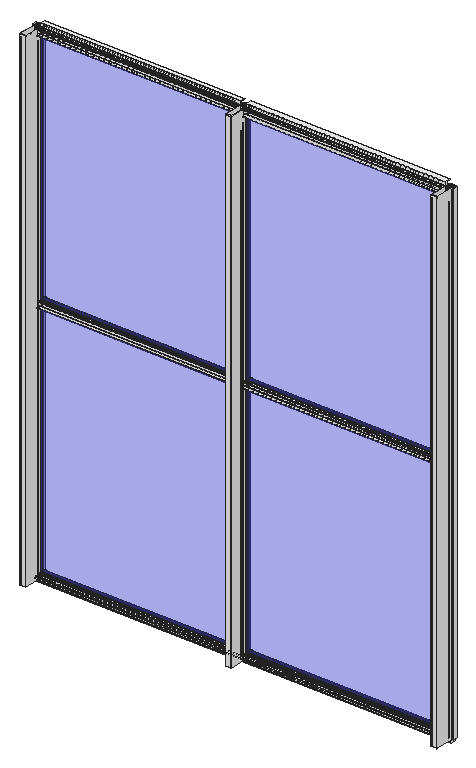
Revit family "Facade_60_Curtain_Wall_S22_Standard", category Windows, host Wall, Revit 2014 (continued)
Definition of nested family "F60 Vertical Profile Side_S22_Std"
  Automatic sketch dimensions
    Extrusion 7 sketch curve to Extrusion 7 sketch curve = 54.1 mm
    Extrusion 7 sketch curve to Extrusion 7 sketch curve = 1.3 mm
    Extrusion 7 sketch curve to Extrusion 7 sketch curve = 1.95 mm
    Extrusion 7 sketch curve to Extrusion 7 sketch curve = 1.65 mm
    Extrusion 7 sketch curve to Extrusion 7 sketch curve = 4.987 mm
    Extrusion 7 sketch curve to Extrusion 7 sketch curve = 4.813 mm
    Extrusion 7 sketch curve to Extrusion 7 sketch curve = 4.812 mm
    Extrusion 7 sketch curve to Extrusion 7 sketch curve = 137.5 mm
    Extrusion 7 sketch curve to Extrusion 7 sketch curve = 0.2 mm  (x2)
    Extrusion 7 sketch curve to Extrusion 7 sketch curve = 0.4 mm  (x2)
    Extrusion 7 sketch curve to Extrusion 7 sketch curve = 4.5 mm
    Extrusion 8 sketch curve to plane 3 "Center (Left/Right)" = 0 mm
    Extrusion 8 sketch curve to Extrusion 8 sketch curve = 1 mm  (x3)
    plane 3 "Center (Left/Right)" to Extrusion 8 sketch curve = 1.65 mm
    plane 3 "Center (Left/Right)" to Extrusion 8 sketch curve = 2.75 mm
    Extrusion 8 sketch curve to Extrusion 8 sketch curve = 0.8 mm  (x2)
    Extrusion 8 sketch curve to Extrusion 8 sketch curve = 52.5 mm
    Extrusion 8 sketch curve to plane 1 "Center (Front/Back)" = 15.1 mm
    Extrusion 8 sketch curve to Extrusion 8 sketch curve = 52.9 mm
    Extrusion 8 sketch curve to Extrusion 8 sketch curve = 1.9 mm
    Extrusion 8 sketch curve to Extrusion 8 sketch curve = 2.75 mm
    Extrusion 8 sketch curve to Extrusion 8 sketch curve = 4.444 mm
    Extrusion 8 sketch curve to Extrusion 8 sketch curve = 4.656 mm  (x2)
    Extrusion 8 sketch curve to Extrusion 8 sketch curve = 163.2 mm
    Extrusion 8 sketch curve to Extrusion 8 sketch curve = 9.5 mm
    plane 3 "Center (Left/Right)" to Extrusion 9 sketch curve = 25.249 mm
    Extrusion 9 sketch curve to Extrusion 9 sketch curve = 0.5 mm  (x4)
    Extrusion 9 sketch curve to Extrusion 9 sketch curve = 1.1 mm
    plane 1 "Center (Front/Back)" to Extrusion 9 sketch curve = 11.356 mm  (x2)
    Extrusion 9 sketch curve to Extrusion 9 sketch curve = 0.293 mm  (x2)
    Extrusion 9 sketch curve to Extrusion 9 sketch curve = 1.896 mm
    Extrusion 9 sketch curve to Extrusion 9 sketch curve = 1.922 mm
    Extrusion 9 sketch curve to Extrusion 9 sketch curve = 1 mm  (x2)
    Extrusion 9 sketch curve to Extrusion 9 sketch curve = 0.7 mm
    Extrusion 9 sketch curve to Extrusion 9 sketch curve = 0.808 mm
    Extrusion 9 sketch curve to plane 1 "Center (Front/Back)" = 2.272 mm  (x2)
    Extrusion 9 sketch curve to Extrusion 9 sketch curve = 0.303 mm
    Extrusion 9 sketch curve to plane 1 "Center (Front/Back)" = 1.745 mm
    Extrusion 9 sketch curve to Extrusion 9 sketch curve = 0.356 mm
    plane 1 "Center (Front/Back)" to Extrusion 9 sketch curve = 9.206 mm  (x2)
    Extrusion 9 sketch curve to Extrusion 9 sketch curve = 1.647 mm
    Extrusion 9 sketch curve to Extrusion 9 sketch curve = 0.701 mm
    Extrusion 9 sketch curve to Extrusion 9 sketch curve = 0.992 mm
    Extrusion 9 sketch curve to Extrusion 9 sketch curve = 0.003 mm
    Extrusion 9 sketch curve to Extrusion 9 sketch curve = 0.002 mm
    Extrusion 9 sketch curve to Extrusion 9 sketch curve = 0.004 mm
    Extrusion 9 sketch curve to Extrusion 9 sketch curve = 0.708 mm
    Extrusion 9 sketch curve to plane 1 "Center (Front/Back)" = 1.946 mm
    Extrusion 9 sketch curve to Extrusion 9 sketch curve = 0.899 mm
    Extrusion 9 sketch curve to Extrusion 9 sketch curve = 0.444 mm
    Extrusion 9 sketch curve to Extrusion 9 sketch curve = 3.038 mm
    Extrusion 9 sketch curve to plane 1 "Center (Front/Back)" = 0.385 mm  (x2)
    Extrusion 9 sketch curve to Extrusion 9 sketch curve = 0.756 mm
    Extrusion 9 sketch curve to Extrusion 9 sketch curve = 2.153 mm
    Extrusion 9 sketch curve to Extrusion 9 sketch curve = 0.631 mm
    Extrusion 9 sketch curve to Extrusion 9 sketch curve = 0.807 mm
    Extrusion 9 sketch curve to Extrusion 9 sketch curve = 1.646 mm
    Extrusion 9 sketch curve to Extrusion 9 sketch curve = 0.707 mm
    Extrusion 9 sketch curve to Extrusion 9 sketch curve = 1.393 mm
    Extrusion 9 sketch curve to Extrusion 9 sketch curve = 1.923 mm
    Extrusion 9 sketch curve to Extrusion 9 sketch curve = 11.937 mm
    Extrusion 9 sketch curve to Extrusion 9 sketch curve = 1.6 mm
    Extrusion 9 sketch curve to Extrusion 9 sketch curve = 0.9 mm  (x2)
    Extrusion 9 sketch curve to Extrusion 9 sketch curve = 1.356 mm  (x2)
    Extrusion 9 sketch curve to Extrusion 9 sketch curve = 0.714 mm
    Extrusion 9 sketch curve to Extrusion 9 sketch curve = 0.02 mm
    Extrusion 9 sketch curve to Extrusion 9 sketch curve = 0.399 mm
    Extrusion 9 sketch curve to Extrusion 9 sketch curve = 2.224 mm
    Extrusion 9 sketch curve to Extrusion 9 sketch curve = 0.448 mm
    Extrusion 9 sketch curve to plane 1 "Center (Front/Back)" = 0.198 mm
    Extrusion 9 sketch curve to plane 1 "Center (Front/Back)" = 0.201 mm
    Extrusion 9 sketch curve to Extrusion 9 sketch curve = 0.032 mm
    Extrusion 9 sketch curve to Extrusion 9 sketch curve = 0 mm
    plane 3 "Center (Left/Right)" to Extrusion 10 sketch curve = 1.014 mm
    Extrusion 10 sketch curve to Extrusion 10 sketch curve = 0.469 mm  (x2)
    plane 3 "Center (Left/Right)" to Extrusion 10 sketch curve = 1.706 mm
    Extrusion 10 sketch curve to Extrusion 10 sketch curve = 1.079 mm
    Extrusion 10 sketch curve to Extrusion 10 sketch curve = 0.864 mm
    Extrusion 10 sketch curve to Extrusion 10 sketch curve = 1.15 mm  (x4)
    Extrusion 10 sketch curve to Extrusion 10 sketch curve = 3.2 mm  (x2)
    Extrusion 10 sketch curve to Extrusion 10 sketch curve = 3.031 mm  (x2)
    Extrusion 10 sketch curve to Extrusion 10 sketch curve = 0.6 mm  (x3)
    Extrusion 10 sketch curve to Extrusion 10 sketch curve = 15.584 mm  (x2)
    Extrusion 10 sketch curve to Extrusion 10 sketch curve = 0.808 mm  (x2)
    Extrusion 10 sketch curve to Extrusion 10 sketch curve = 3.038 mm
    Extrusion 10 sketch curve to Extrusion 10 sketch curve = 0.865 mm
    Extrusion 10 sketch curve to Extrusion 10 sketch curve = 1.25 mm  (x5)
    Extrusion 10 sketch curve to Extrusion 10 sketch curve = 0.61 mm
    plane 1 "Center (Front/Back)" to Extrusion 10 sketch curve = 31.288 mm
    Extrusion 10 sketch curve to Extrusion 10 sketch curve = 0.362 mm
    plane 1 "Center (Front/Back)" to Extrusion 10 sketch curve = 31.65 mm
    Extrusion 10 sketch curve to Extrusion 10 sketch curve = 0.962 mm
    Extrusion 10 sketch curve to Extrusion 10 sketch curve = 0.85 mm
    Extrusion 10 sketch curve to Extrusion 10 sketch curve = 0.512 mm  (x2)
    Extrusion 10 sketch curve to Extrusion 10 sketch curve = 0.4 mm  (x2)
    Extrusion 10 sketch curve to Extrusion 10 sketch curve = 1 mm
    Extrusion 10 sketch curve to Extrusion 10 sketch curve = 2.8 mm
    Extrusion 10 sketch curve to Extrusion 10 sketch curve = 0 mm  (x2)
    Extrusion 10 sketch curve to Extrusion 10 sketch curve = 1.4 mm
    Extrusion 10 sketch curve to Extrusion 10 sketch curve = 0.539 mm  (x2)
    plane 1 "Center (Front/Back)" to Extrusion 10 sketch curve = 28.864 mm
    Extrusion 11 sketch curve to plane 3 "Center (Left/Right)" = 0 mm
    plane 3 "Center (Left/Right)" to Extrusion 11 sketch curve = 0.65 mm
    Extrusion 11 sketch curve to Extrusion 11 sketch curve = 0.128 mm  (x2)
    plane 3 "Center (Left/Right)" to Extrusion 11 sketch curve = 1.014 mm
    plane 3 "Center (Left/Right)" to Extrusion 11 sketch curve = 1.05 mm
    Extrusion 11 sketch curve to Extrusion 11 sketch curve = 0.469 mm  (x2)
    Extrusion 11 sketch curve to Extrusion 11 sketch curve = 1.079 mm
    Extrusion 11 sketch curve to Extrusion 11 sketch curve = 1.317 mm  (x2)
    Extrusion 11 sketch curve to Extrusion 11 sketch curve = 0 mm  (x3)
    plane 3 "Center (Left/Right)" to Extrusion 11 sketch curve = 3.85 mm
    Extrusion 11 sketch curve to Extrusion 11 sketch curve = 0.15 mm  (x2)
    Extrusion 11 sketch curve to Extrusion 11 sketch curve = 26 mm  (x2)
    Extrusion 11 sketch curve to Extrusion 11 sketch curve = 1.05 mm
    Extrusion 11 sketch curve to Extrusion 11 sketch curve = 0.707 mm
    Extrusion 11 sketch curve to Extrusion 11 sketch curve = 0.433 mm
    plane 1 "Center (Front/Back)" to Extrusion 11 sketch curve = 31.288 mm
    plane 1 "Center (Front/Back)" to Extrusion 11 sketch curve = 28.065 mm
    Extrusion 11 sketch curve to Extrusion 11 sketch curve = 1.314 mm
    Extrusion 11 sketch curve to Extrusion 11 sketch curve = 0.65 mm
    Extrusion 11 sketch curve to Extrusion 11 sketch curve = 0.5 mm  (x2)
    plane 1 "Center (Front/Back)" to Extrusion 11 sketch curve = 32.75 mm
    Extrusion 11 sketch curve to Extrusion 11 sketch curve = 0.1 mm  (x3)
    Extrusion 11 sketch curve to Extrusion 11 sketch curve = 1.1 mm  (x2)
    Extrusion 11 sketch curve to Extrusion 11 sketch curve = 8.608 mm
    Extrusion 11 sketch curve to Extrusion 11 sketch curve = 0.962 mm
    Extrusion 12 sketch curve to plane 3 "Center (Left/Right)" = 21.349 mm
    Extrusion 12 sketch curve to Extrusion 12 sketch curve = 6.35 mm
    plane 3 "Center (Left/Right)" to Extrusion 12 sketch curve = 10.403 mm
    plane 1 "Center (Front/Back)" to Extrusion 12 sketch curve = 35.567 mm
    plane 1 "Center (Front/Back)" to Extrusion 12 sketch curve = 10.171 mm
    plane 1 "Center (Front/Back)" to Extrusion 12 sketch curve = 3.821 mm
    Extrusion 13 sketch curve to plane 3 "Center (Left/Right)" = 21.35 mm
    Extrusion 13 sketch curve to Extrusion 13 sketch curve = 6.35 mm
    plane 3 "Center (Left/Right)" to Extrusion 13 sketch curve = 10.402 mm
    plane 1 "Center (Front/Back)" to Extrusion 13 sketch curve = 33.172 mm
    plane 1 "Center (Front/Back)" to Extrusion 13 sketch curve = 7.775 mm
    plane 1 "Center (Front/Back)" to Extrusion 13 sketch curve = 1.425 mm
    Extrusion 14 sketch curve to plane 3 "Center (Left/Right)" = 0 mm
    plane 3 "Center (Left/Right)" to Extrusion 14 sketch curve = 1.2 mm
    Extrusion 14 sketch curve to Extrusion 14 sketch curve = 9.6 mm
    Extrusion 14 sketch curve to Extrusion 14 sketch curve = 1.2 mm  (x3)
    plane 1 "Center (Front/Back)" to Extrusion 14 sketch curve = 25.775 mm
    plane 1 "Center (Front/Back)" to Extrusion 14 sketch curve = 8.975 mm
    curve 4 to Extrusion 6 = 0 mm
    curve 3 to Extrusion 6 = 0 mm
    curve 1 to Extrusion 6 = 0 mm
    curve 4 to Extrusion 6 = 3.6 mm
    curve 3 to Extrusion 6 = 3.6 mm
    curve 1 to Extrusion 6 = 3.6 mm
    Extrusion 6 to curve 2 = 1 mm
    Extrusion 6 to curve 5 = 1 mm
    Extrusion 6 to curve 6 = 1 mm
    curve 6 to Extrusion 6 = 1 mm
    curve 5 to Extrusion 6 = 1 mm
    curve 2 to Extrusion 6 = 1 mm
    curve 9 to Extrusion 6 = 0 mm
    curve 8 to Extrusion 6 = 0 mm
    curve 7 to Extrusion 6 = 0 mm
    Extrusion 6 to curve 8 = 3.6 mm
    Extrusion 6 to curve 9 = 3.6 mm
    Extrusion 6 to curve 7 = 3.6 mm
    curve 12 to Extrusion 5 = 25.894 mm
    curve 11 to Extrusion 5 = 25.894 mm
    curve 10 to Extrusion 5 = 25.894 mm
    curve 10 to Extrusion 5 = 0.108 mm
    Extrusion 5 to curve 12 = 0.703 mm
    Extrusion 5 to curve 11 = 0.703 mm
    curve 13 to Extrusion 5 = 4 mm
    curve 14 to Extrusion 5 = 4 mm
    curve 15 to Extrusion 5 = 4 mm
    Extrusion 5 to curve 15 = 0.702 mm
    Extrusion 5 to curve 14 = 0.702 mm
    Extrusion 5 to curve 13 = 0.702 mm
    curve 18 to Extrusion 7 = 0 mm
    curve 17 to Extrusion 7 = 0 mm
    curve 16 to Extrusion 7 = 0 mm
    Extrusion 7 to curve 17 = 3.6 mm
    Extrusion 7 to curve 18 = 3.6 mm
    Extrusion 7 to curve 16 = 3.6 mm
    Extrusion 7 to curve 21 = 1 mm  (x2)
    Extrusion 7 to curve 20 = 1 mm  (x2)
    Extrusion 7 to curve 19 = 1 mm  (x2)
    curve 24 to Extrusion 7 = 0 mm
    curve 23 to Extrusion 7 = 0 mm
    curve 22 to Extrusion 7 = 0 mm
    curve 24 to Extrusion 7 = 3.6 mm
    curve 23 to Extrusion 7 = 3.6 mm
    curve 22 to Extrusion 7 = 3.6 mm
    curve 27 to Extrusion 8 = 0 mm
    curve 26 to Extrusion 8 = 0 mm
    curve 25 to Extrusion 8 = 0 mm
    Extrusion 8 to curve 26 = 3.6 mm
    Extrusion 8 to curve 27 = 3.6 mm
    Extrusion 8 to curve 25 = 3.6 mm
    Extrusion 8 to curve 30 = 0.221 mm
    Extrusion 8 to curve 29 = 0.221 mm
    Extrusion 8 to curve 28 = 0.221 mm
    curve 29 to Extrusion 8 = 0.222 mm
    curve 30 to Extrusion 8 = 0.222 mm
    curve 28 to Extrusion 8 = 0.222 mm
    curve 33 to Extrusion 8 = 0 mm
    curve 32 to Extrusion 8 = 0 mm
    curve 31 to Extrusion 8 = 0 mm
    curve 33 to Extrusion 8 = 3.6 mm
    curve 32 to Extrusion 8 = 3.6 mm
    curve 31 to Extrusion 8 = 3.6 mm
    curve 34 to Extrusion 11 = 4.016 mm
    curve 35 to Extrusion 11 = 4.016 mm
    curve 36 to Extrusion 11 = 3.97 mm
    Extrusion 11 to curve 36 = 0.637 mm
    Extrusion 11 to curve 35 = 0.637 mm
    Extrusion 11 to curve 34 = 0.637 mm
    curve 37 to Extrusion 11 = 29.221 mm
    curve 38 to Extrusion 11 = 29.221 mm
    curve 39 to Extrusion 11 = 29.221 mm
    Extrusion 11 to curve 39 = 3.222 mm
    Extrusion 11 to curve 38 = 3.222 mm
    Extrusion 11 to curve 37 = 3.222 mm
Definition of nested family "F60 Horizontal Profile Top_S22_Std"
  Parameters (values of type "F60 Horizontal Profile Top")
    Thermal Break Material [instance] = none
    Single Glazing [instance] = yes
    Profile Material [instance] = none
    Length [instance] = 250 mm
    Double Glazing [instance] = yes
  Reference planes
    plane 1 "Center (Front/Back)": y = 0
    plane 2: z = 0
    plane 3 "Center (Left/Right)": x = 0
  Forms (mm)
    Extrusion 1, solid, material <- "Profile Material"
      sketch origin (0, 0, 0) x (0, 1, 0) y (0, 0, 1)
        loop
          line (-9.94, 7.845) -> (-8.37, 6.275) -> (-1.2, 10.415) -> (-1.2, 1.2) -> (-5, 1.2) -> (-5, 0) -> (-1, 0)
          arc (-1, 0) -> (-0.293, 0.293) -> (0, 1) r 1
          line (0, 1) -> (0, 30) -> (0, 59)
          arc (0, 59) -> (-0.293, 59.707) -> (-1, 60) r 1
          line (-1, 60) -> (-5, 60) -> (-5, 58.8) -> (-1.2, 58.8) -> (-1.2, 49.585) -> (-8.37, 53.725) -> (-9.94, 52.155)
          arc (-9.94, 52.155) -> (-9.902, 51.269) -> (-9.016, 51.232) r 0.655
          line (-9.016, 51.232) -> (-8.077, 52.17) -> (-1.2, 48.2) -> (-1.2, 30) -> (-1.2, 11.8) -> (-8.077, 7.83) -> (-9.016, 8.768)
          arc (-9.016, 8.768) -> (-9.902, 8.731) -> (-9.94, 7.845) r 0.655
      from 0 to 250 <- "Length"
    Extrusion 2, solid, material <- "Profile Material"
      sketch origin (0, 0, 0) x (0, 1, 0) y (0, 0, 1)
        loop
          line (-5, 60) -> (-44.6, 60) -> (-44.6, 58.35) -> (-39.944, 58.35) -> (-39.944, 1.65) -> (-44.6, 1.65) -> (-44.6, 0) -> (-5, 0) -> (-5, 2.2) -> (-4.2, 2.2) -> (-4.2, 3.018)
          arc (-4.2, 3.018) -> (-4.352, 3.783) -> (-4.786, 4.432) r 2
          line (-4.786, 4.432) -> (-7.054, 6.7) -> (-8, 6.489) -> (-8, 5.7) -> (-7.205, 5.7) -> (-7.205, 2.95) -> (-8, 2.95) -> (-8, 1.95) -> (-12.752, 1.95) -> (-12.752, 6.7) -> (-14.152, 6.7) -> (-14.152, 1.65) -> (-38.65, 1.65) -> (-38.65, 8.33) -> (-37.097, 8.33) -> (-34.666, 6.973)
          arc (-34.666, 6.973) -> (-33.846, 7.192) -> (-34.066, 8.012) r 0.6
          line (-34.066, 8.012) -> (-37.128, 9.78) -> (-38.65, 9.78) -> (-38.65, 12.65) -> (-37.6, 13.7) -> (-37.6, 20.3) -> (-38.65, 21.35) -> (-38.65, 38.65) -> (-37.6, 39.7) -> (-37.6, 46.3) -> (-38.65, 47.35) -> (-38.65, 50.22) -> (-37.128, 50.22) -> (-34.066, 51.988)
          arc (-34.066, 51.988) -> (-33.846, 52.808) -> (-34.666, 53.027) r 0.6
          line (-34.666, 53.027) -> (-37.032, 51.661) -> (-38.65, 51.661) -> (-38.65, 58.35) -> (-14.152, 58.35) -> (-14.152, 53.3) -> (-12.752, 53.3) -> (-12.752, 58.05) -> (-8, 58.05) -> (-8, 57.05) -> (-7.205, 57.05) -> (-7.205, 54.3) -> (-8, 54.3) -> (-8, 53.511) -> (-7.054, 53.3) -> (-4.786, 55.568)
          arc (-4.786, 55.568) -> (-4.352, 56.217) -> (-4.2, 56.982) r 2
          line (-4.2, 56.982) -> (-4.2, 57.8) -> (-5, 57.8) -> (-5, 60)
      from 0 to 250 <- "Length"
    Extrusion 3, solid, material <- "Thermal Break Material"
      sketch origin (0, 0, 0) x (0, 1, 0) y (0, 0, 1)
        loop
          line (-40, 1.75) -> (-40, 30) -> (-40, 58.25) -> (-44.6, 58.25) -> (-44.6, 60) -> (-45.9, 60) -> (-45.9, 53.65) -> (-41.788, 53.65)
          arc (-41.788, 53.65) -> (-41.363, 53.474) -> (-41.187, 53.05) r 0.6
          line (-41.187, 53.05) -> (-41.187, 30) -> (-41.187, 6.95)
          arc (-41.187, 6.95) -> (-41.363, 6.526) -> (-41.788, 6.35) r 0.6
          line (-41.788, 6.35) -> (-45.9, 6.35) -> (-45.9, 0) -> (-44.6, 0) -> (-44.6, 1.75) -> (-40, 1.75)
      from 0 to 250 <- "Length"
    Extrusion 4, solid, material <- "Profile Material"
      sketch origin (0, 0, 0) x (0, 1, 0) y (0, 0, 1)
        loop
          line (-58.5, 25.249) -> (-43.6, 25.249)
          arc (-43.6, 25.249) -> (-43.034, 25.015) -> (-42.8, 24.449) r 0.8
          line (-42.8, 24.449) -> (-42.8, 7.9) -> (-44.4, 7.9) -> (-44.4, 9.45) -> (-45.25, 9.45)
          arc (-45.25, 9.45) -> (-45.674, 9.274) -> (-45.85, 8.85) r 0.6
          line (-45.85, 8.85) -> (-45.85, 7.9) -> (-48.8, 7.9)
          arc (-48.8, 7.9) -> (-49.3, 8.4) -> (-49.8, 7.9) r 0.5
          line (-49.8, 7.9) -> (-49.8, 5.55) -> (-48.65, 5.55) -> (-48.65, 6.7) -> (-47.35, 6.7) -> (-47.35, 1.2) -> (-48.65, 1.2) -> (-48.65, 2.35) -> (-49.8, 2.35) -> (-49.8, 0.5)
          arc (-49.8, 0.5) -> (-49.654, 0.146) -> (-49.3, 0) r 0.5
          line (-49.3, 0) -> (-45.9, 0) -> (-45.9, 6.45) -> (-42.2, 6.45)
          arc (-42.2, 6.45) -> (-41.634, 6.684) -> (-41.4, 7.25) r 0.8
          line (-41.4, 7.25) -> (-41.4, 30) -> (-41.4, 52.75)
          arc (-41.4, 52.75) -> (-41.634, 53.316) -> (-42.2, 53.55) r 0.8
          line (-42.2, 53.55) -> (-45.9, 53.55) -> (-45.9, 60) -> (-49.3, 60)
          arc (-49.3, 60) -> (-49.654, 59.854) -> (-49.8, 59.5) r 0.5
          line (-49.8, 59.5) -> (-49.8, 57.65) -> (-48.65, 57.65) -> (-48.65, 58.8) -> (-47.35, 58.8) -> (-47.35, 53.3) -> (-48.65, 53.3) -> (-48.65, 54.45) -> (-49.8, 54.45) -> (-49.8, 52.1)
          arc (-49.8, 52.1) -> (-49.3, 51.6) -> (-48.8, 52.1) r 0.5
          line (-48.8, 52.1) -> (-45.85, 52.1) -> (-45.85, 51.15)
          arc (-45.85, 51.15) -> (-45.674, 50.726) -> (-45.25, 50.55) r 0.6
          line (-45.25, 50.55) -> (-44.4, 50.55) -> (-44.4, 52.1) -> (-42.8, 52.1) -> (-42.8, 35.551)
          arc (-42.8, 35.551) -> (-43.034, 34.985) -> (-43.6, 34.751) r 0.8
          line (-43.6, 34.751) -> (-58.5, 34.751)
          arc (-58.5, 34.751) -> (-59.066, 34.516) -> (-59.3, 33.951) r 0.8
          line (-59.3, 33.951) -> (-59.3, 32.902) -> (-42.8, 32.902) -> (-42.8, 27.1) -> (-59.3, 27.1) -> (-59.3, 26.049)
          arc (-59.3, 26.049) -> (-59.066, 25.484) -> (-58.5, 25.249) r 0.8
      from 0 to 250 <- "Length"
    Extrusion 5, solid, material <- "Thermal Break Material", visible <- "Single Glazing"
      sketch origin (0, 0, 0) x (0, 1, 0) y (0, 0, 1)
        loop
          arc (-63.8, 25.751) -> (-63.654, 25.397) -> (-63.3, 25.251) r 0.5
          line (-63.3, 25.251) -> (-59.8, 25.251)
          arc (-59.8, 25.251) -> (-59.446, 25.397) -> (-59.3, 25.751) r 0.5
          line (-59.3, 25.751) -> (-59.3, 27.648) -> (-49.599, 27.648) -> (-47.528, 28.651)
          arc (-47.528, 28.651) -> (-46.803, 30.001) -> (-47.528, 31.351) r 1.62
          line (-47.528, 31.351) -> (-49.599, 32.353) -> (-59.3, 32.353) -> (-59.3, 34.251)
          arc (-59.3, 34.251) -> (-59.446, 34.604) -> (-59.8, 34.751) r 0.5
          line (-59.8, 34.751) -> (-63.3, 34.751)
          arc (-63.3, 34.751) -> (-63.654, 34.604) -> (-63.8, 34.251) r 0.5
          line (-63.8, 34.251) -> (-63.8, 32.328) -> (-62.4, 31.52) -> (-62.4, 28.483) -> (-63.8, 27.673) -> (-63.8, 25.751)
        loop
          line (-59.794, 28.506) -> (-59.006, 29.294)
          arc (-59.006, 29.294) -> (-58.788, 29.618) -> (-58.713, 30.001) r 0.986
          arc (-58.713, 30.001) -> (-58.79, 30.384) -> (-59.008, 30.71) r 1.007
          line (-59.008, 30.71) -> (-59.794, 31.496) -> (-60.65, 31.496)
          arc (-60.65, 31.496) -> (-61.004, 31.349) -> (-61.15, 30.996) r 0.5
          line (-61.15, 30.996) -> (-61.15, 29.006)
          arc (-61.15, 29.006) -> (-61.004, 28.652) -> (-60.65, 28.506) r 0.5
          line (-60.65, 28.506) -> (-59.794, 28.506)
        loop
          line (-47.854, 30.898) -> (-49.415, 31.653) -> (-56.782, 31.653)
          arc (-56.782, 31.653) -> (-57.207, 31.417) -> (-57.23, 30.932) r 0.5
          arc (-57.23, 30.932) -> (-57.013, 30.001) -> (-57.23, 29.07) r 2.099
          arc (-57.23, 29.07) -> (-57.207, 28.584) -> (-56.782, 28.348) r 0.5
          line (-56.782, 28.348) -> (-49.415, 28.348) -> (-48.055, 29.007)
          arc (-48.055, 29.007) -> (-47.35, 29.888) -> (-47.854, 30.898) r 1.047
      from 0 to 250 <- "Length"
    Extrusion 6, solid, material <- "Profile Material", visible <- "Single Glazing"
      sketch origin (0, 0, 0) x (0, 1, 0) y (0, 0, 1)
        loop
          line (-63.8, 52.694) -> (-64.8, 52.694) -> (-64.8, 51.544) -> (-66.05, 51.544) -> (-66.05, 57.044) -> (-64.8, 57.044) -> (-64.8, 55.894) -> (-63.8, 55.894) -> (-63.8, 58.294)
          arc (-63.8, 58.294) -> (-64.082, 58.803) -> (-64.664, 58.835) r 0.6
          line (-64.664, 58.835) -> (-66.562, 57.91) -> (-67.088, 58.988) -> (-68.05, 58.519) -> (-68.05, 48.513)
          arc (-68.05, 48.513) -> (-67.874, 48.089) -> (-67.45, 47.913) r 0.6
          line (-67.45, 47.913) -> (-66.6, 47.913) -> (-66.6, 12.09) -> (-67.45, 12.09)
          arc (-67.45, 12.09) -> (-67.874, 11.914) -> (-68.05, 11.49) r 0.6
          line (-68.05, 11.49) -> (-68.05, 1.485) -> (-67.088, 1.016) -> (-66.562, 2.095) -> (-64.663, 1.169)
          arc (-64.663, 1.169) -> (-64.082, 1.2) -> (-63.8, 1.709) r 0.6
          line (-63.8, 1.709) -> (-63.8, 4.109) -> (-64.8, 4.109) -> (-64.8, 2.959) -> (-66.05, 2.959) -> (-66.05, 8.459) -> (-64.8, 8.459) -> (-64.8, 7.309) -> (-63.8, 7.309) -> (-63.8, 27.674) -> (-62.4, 28.483) -> (-62.4, 31.521) -> (-63.8, 32.329) -> (-63.8, 52.694)
      from 0 to 250 <- "Length"
    Extrusion 7, solid, material <- "Profile Material", visible <- "Single Glazing"
      sketch origin (0, 0, 0) x (0, 1, 0) y (0, 0, 1)
        loop
          line (-68.551, 3.3) -> (-76.559, 3.3) -> (-76.559, 30) -> (-76.559, 56.15)
          arc (-76.559, 56.15) -> (-75.739, 58.13) -> (-73.759, 58.95) r 2.8
          line (-73.759, 58.95) -> (-69.151, 58.95) -> (-69.151, 57.2)
          arc (-69.151, 57.2) -> (-68.987, 56.829) -> (-68.601, 56.703) r 0.5
          arc (-68.601, 56.703) -> (-68.216, 56.829) -> (-68.051, 57.2) r 0.5
          line (-68.051, 57.2) -> (-68.051, 58.517) -> (-67.089, 58.986) -> (-66.563, 57.907) -> (-63.866, 59.222)
          arc (-63.866, 59.222) -> (-64.001, 59.762) -> (-64.504, 60) r 0.65
          line (-64.504, 60) -> (-73.859, 60)
          arc (-73.859, 60) -> (-76.687, 58.828) -> (-77.859, 56) r 4
          line (-77.859, 56) -> (-77.859, 30) -> (-77.859, 2.493)
          arc (-77.859, 2.493) -> (-77.197, 0.799) -> (-75.562, 0.002) r 2.5
          arc (-75.562, 0.002) -> (-75.182, 0.132) -> (-75.021, 0.5) r 0.5
          line (-75.021, 0.5) -> (-75.021, 2) -> (-69.151, 2) -> (-69.151, 0.5)
          arc (-69.151, 0.5) -> (-69.005, 0.146) -> (-68.651, 0) r 0.5
          line (-68.651, 0) -> (-64.504, 0)
          arc (-64.504, 0) -> (-64.001, 0.238) -> (-63.866, 0.778) r 0.65
          line (-63.866, 0.778) -> (-66.563, 2.093) -> (-67.089, 1.014) -> (-68.051, 1.483) -> (-68.051, 2.8)
          arc (-68.051, 2.8) -> (-68.198, 3.154) -> (-68.551, 3.3) r 0.5
      from 0 to 250 <- "Length"
    Extrusion 8, solid, material <- "Thermal Break Material", visible <- "Double Glazing"
      sketch origin (0, 0, 0) x (0, 1, 0) y (0, 0, 1)
        loop
          line (-77.8, 27.673) -> (-77.8, 25.751)
          arc (-77.8, 25.751) -> (-77.654, 25.397) -> (-77.3, 25.251) r 0.5
          line (-77.3, 25.251) -> (-59.8, 25.251)
          arc (-59.8, 25.251) -> (-59.446, 25.397) -> (-59.3, 25.751) r 0.5
          line (-59.3, 25.751) -> (-59.3, 27.647) -> (-49.599, 27.647) -> (-47.528, 28.649)
          arc (-47.528, 28.649) -> (-46.803, 29.999) -> (-47.528, 31.349) r 1.62
          line (-47.528, 31.349) -> (-49.602, 32.353) -> (-59.3, 32.353) -> (-59.3, 34.251)
          arc (-59.3, 34.251) -> (-59.446, 34.604) -> (-59.8, 34.751) r 0.5
          line (-59.8, 34.751) -> (-77.3, 34.751)
          arc (-77.3, 34.751) -> (-77.654, 34.604) -> (-77.8, 34.251) r 0.5
          line (-77.8, 34.251) -> (-77.8, 32.327) -> (-76.4, 31.52) -> (-76.4, 28.482) -> (-77.8, 27.673)
        loop
          line (-59.006, 30.708) -> (-61.156, 32.858)
          arc (-61.156, 32.858) -> (-61.48, 33.074) -> (-61.863, 33.151) r 1
          line (-61.863, 33.151) -> (-73.8, 33.151)
          arc (-73.8, 33.151) -> (-74.507, 32.858) -> (-74.8, 32.151) r 1
          line (-74.8, 32.151) -> (-74.8, 27.851)
          arc (-74.8, 27.851) -> (-74.507, 27.144) -> (-73.8, 26.851) r 1
          line (-73.8, 26.851) -> (-61.863, 26.851)
          arc (-61.863, 26.851) -> (-61.48, 26.927) -> (-61.156, 27.144) r 1
          line (-61.156, 27.144) -> (-59.006, 29.294)
          arc (-59.006, 29.294) -> (-58.788, 29.618) -> (-58.713, 30.001) r 0.986
          arc (-58.713, 30.001) -> (-58.79, 30.383) -> (-59.006, 30.708) r 1.007
        loop
          line (-56.782, 28.347) -> (-49.415, 28.347) -> (-48.055, 29.005)
          arc (-48.055, 29.005) -> (-47.35, 29.887) -> (-47.854, 30.896) r 1.047
          line (-47.854, 30.896) -> (-49.415, 31.652) -> (-56.782, 31.652)
          arc (-56.782, 31.652) -> (-57.207, 31.416) -> (-57.23, 30.93) r 0.5
          arc (-57.23, 30.93) -> (-57.013, 29.999) -> (-57.23, 29.068) r 2.099
          arc (-57.23, 29.068) -> (-57.207, 28.583) -> (-56.782, 28.347) r 0.5
      from 0 to 250 <- "Length"
    Extrusion 9, solid, material <- "Profile Material", visible <- "Double Glazing"
      sketch origin (0, 0, 0) x (0, 1, 0) y (0, 0, 1)
        loop
          line (-77.8, 52.694) -> (-78.8, 52.694) -> (-78.8, 51.544) -> (-80.05, 51.544) -> (-80.05, 57.044) -> (-78.8, 57.044) -> (-78.8, 55.894) -> (-77.8, 55.894) -> (-77.8, 58.294)
          arc (-77.8, 58.294) -> (-78.082, 58.802) -> (-78.664, 58.834) r 0.6
          line (-78.664, 58.834) -> (-80.562, 57.909) -> (-81.088, 58.988) -> (-82.05, 58.518) -> (-82.05, 48.512)
          arc (-82.05, 48.512) -> (-81.874, 48.088) -> (-81.45, 47.912) r 0.6
          line (-81.45, 47.912) -> (-80.6, 47.912) -> (-80.6, 12.089) -> (-81.45, 12.089)
          arc (-81.45, 12.089) -> (-81.874, 11.913) -> (-82.05, 11.489) r 0.6
          line (-82.05, 11.489) -> (-82.05, 1.484) -> (-81.088, 1.015) -> (-80.562, 2.094) -> (-78.663, 1.169)
          arc (-78.663, 1.169) -> (-78.082, 1.199) -> (-77.8, 1.708) r 0.6
          line (-77.8, 1.708) -> (-77.8, 4.108) -> (-78.8, 4.108) -> (-78.8, 2.958) -> (-80.05, 2.958) -> (-80.05, 8.458) -> (-78.8, 8.458) -> (-78.8, 7.308) -> (-77.8, 7.308) -> (-77.8, 27.673) -> (-76.4, 28.482) -> (-76.4, 31.52) -> (-77.8, 32.328) -> (-77.8, 52.694)
      from 0 to 250 <- "Length"
    Extrusion 10, solid, material <- "Profile Material", visible <- "Double Glazing"
      sketch origin (0, 0, 0) x (0, 1, 0) y (0, 0, 1)
        loop
          line (-82.551, 3.3) -> (-90.558, 3.3) -> (-90.558, 30) -> (-90.558, 56.15)
          arc (-90.558, 56.15) -> (-89.738, 58.13) -> (-87.758, 58.95) r 2.8
          line (-87.758, 58.95) -> (-83.151, 58.95) -> (-83.151, 57.2)
          arc (-83.151, 57.2) -> (-82.986, 56.829) -> (-82.601, 56.703) r 0.5
          arc (-82.601, 56.703) -> (-82.215, 56.829) -> (-82.051, 57.2) r 0.5
          line (-82.051, 57.2) -> (-82.051, 58.517) -> (-81.088, 58.986) -> (-80.563, 57.907) -> (-77.866, 59.222)
          arc (-77.866, 59.222) -> (-78, 59.762) -> (-78.503, 60) r 0.65
          line (-78.503, 60) -> (-87.858, 60)
          arc (-87.858, 60) -> (-90.687, 58.828) -> (-91.858, 56) r 4
          line (-91.858, 56) -> (-91.858, 30) -> (-91.858, 2.493)
          arc (-91.858, 2.493) -> (-91.196, 0.799) -> (-89.561, 0.002) r 2.5
          arc (-89.561, 0.002) -> (-89.182, 0.132) -> (-89.021, 0.5) r 0.5
          line (-89.021, 0.5) -> (-89.021, 2) -> (-83.151, 2) -> (-83.151, 0.5)
          arc (-83.151, 0.5) -> (-83.004, 0.146) -> (-82.651, 0) r 0.5
          line (-82.651, 0) -> (-78.503, 0)
          arc (-78.503, 0) -> (-78, 0.238) -> (-77.866, 0.778) r 0.65
          line (-77.866, 0.778) -> (-80.563, 2.093) -> (-81.088, 1.014) -> (-82.051, 1.483) -> (-82.051, 2.8)
          arc (-82.051, 2.8) -> (-82.197, 3.154) -> (-82.551, 3.3) r 0.5
      from 0 to 250 <- "Length"
    Extrusion 11, solid, material <- "Profile Material", visible <- "Double Glazing"
      sketch origin (0, 0, 0) x (0, 1, 0) y (0, 0, 1)
        loop
          line (-57.8, 45.73) -> (-51.8, 45.73) -> (-51.8, 95.73) -> (-101.8, 95.73) -> (-101.8, 89.73) -> (-57.8, 89.73) -> (-57.8, 45.73)
      from 0 to 250 <- "Length"
    Extrusion 12, solid, material <- "Profile Material", visible <- "Double Glazing"
      sketch origin (0, 0, 0) x (0, 1, 0) y (0, 0, 1)
        loop
          line (-75.8, 48) -> (-57.8, 48) -> (-57.8, 60) -> (-75.8, 60) -> (-75.8, 48)
        loop
          line (-74.6, 49.2) -> (-59, 49.2) -> (-59, 58.8) -> (-74.6, 58.8) -> (-74.6, 49.2)
      from 0 to 250 <- "Length"
    Extrusion 13, solid, material <- "Profile Material", visible <- "Single Glazing"
      sketch origin (0, 0, 0) x (0, 1, 0) y (0, 0, 1)
        loop
          line (-59.8, 45.865) -> (-53.8, 45.865) -> (-53.8, 95.865) -> (-103.8, 95.865) -> (-103.8, 89.865) -> (-59.8, 89.865) -> (-59.8, 45.865)
      from 0 to 250 <- "Length"
  Dimensions and locks
    aligned and locked: level to plane 2
Definition of nested family "F60 Sill_S22_Std"
  Parameters (values of type "F60 Sill")
    Profile Material [instance] = none
    Length Sill [instance] = 250 mm
  Reference planes
    plane 1 "Center (Front/Back)": y = 0
    plane 2: z = 0
    plane 3 "Center (Left/Right)": x = 0
  Forms (mm)
    Extrusion 1, solid, material <- "Profile Material"
      sketch origin (0, 0, 0) x (0, 1, 0) y (0, 0, 1)
        loop
          line (-42.734, 5.324) -> (-48.256, 4.643)
          arc (-48.256, 4.643) -> (-49.196, 4.147) -> (-49.572, 3.154) r 1.5
          line (-49.572, 3.154) -> (-49.572, 1.88) -> (-47.772, 1.88) -> (-47.772, 3.191) -> (-19.233, 6.714)
          arc (-19.233, 6.714) -> (-17.924, 7.083) -> (-16.785, 7.826) r 4.5
          line (-16.785, 7.826) -> (-16.785, 1.88) -> (-15.285, 1.88) -> (-15.285, 24.58)
          arc (-15.285, 24.58) -> (-15.109, 25.004) -> (-14.685, 25.18) r 0.6
          line (-14.685, 25.18) -> (-4.072, 25.18) -> (-4.072, 1.88) -> (-2.572, 1.88) -> (-2.572, 29.88) -> (-4.072, 29.88) -> (-4.072, 28.88) -> (-5.222, 28.88) -> (-5.222, 27.68) -> (-4.072, 27.68) -> (-4.072, 26.38) -> (-9.572, 26.38) -> (-9.572, 27.68) -> (-8.422, 27.68) -> (-8.422, 28.88) -> (-10.172, 28.88)
          arc (-10.172, 28.88) -> (-10.597, 28.704) -> (-10.772, 28.28) r 0.6
          line (-10.772, 28.28) -> (-10.772, 26.38) -> (-15.285, 26.38)
          arc (-15.285, 26.38) -> (-16.345, 25.941) -> (-16.785, 24.88) r 1.5
          line (-16.785, 24.88) -> (-16.785, 11.18)
          arc (-16.785, 11.18) -> (-17.537, 9.193) -> (-19.417, 8.203) r 3
          line (-19.417, 8.203) -> (-39.35, 5.742)
          arc (-39.35, 5.742) -> (-40.527, 6.107) -> (-41.034, 7.231) r 1.5
          line (-41.034, 7.231) -> (-41.034, 19.996)
          arc (-41.034, 19.996) -> (-40.883, 20.394) -> (-40.507, 20.592) r 0.6
          line (-40.507, 20.592) -> (-32.917, 21.529)
          arc (-32.917, 21.529) -> (-31.977, 22.024) -> (-31.601, 23.017) r 1.5
          line (-31.601, 23.017) -> (-31.601, 28.88) -> (-33.101, 28.88) -> (-33.101, 23.548)
          arc (-33.101, 23.548) -> (-33.251, 23.15) -> (-33.627, 22.952) r 0.6
          line (-33.627, 22.952) -> (-45.787, 21.451)
          arc (-45.787, 21.451) -> (-46.727, 20.956) -> (-47.104, 19.962) r 1.5
          line (-47.104, 19.962) -> (-47.104, 19.054)
          arc (-47.104, 19.054) -> (-46.957, 18.7) -> (-46.604, 18.554) r 0.5
          line (-46.604, 18.554) -> (-45.604, 18.554) -> (-45.604, 19.962) -> (-42.734, 20.317) -> (-42.734, 5.324)
      from 0 to 250 <- "Length Sill"
  Dimensions and locks
    aligned and locked: level to plane 2
Definition of nested family "F60 Horizontal Profile Bottom_S22_Std"
  Parameters (values of type "F60 Horizontal Profile Bottom")
    Thermal Break Material [instance] = none
    Single Glazing [instance] = yes
    Profile Material [instance] = none
    Length [instance] = 250 mm
    Double Glazing [instance] = yes
  Reference planes
    plane 1 "Center (Front/Back)": y = 0
    plane 2: z = 0
    plane 3 "Center (Left/Right)": x = 0
  Forms (mm)
    Extrusion 1, solid, material <- "Profile Material"
      sketch origin (0, 0, 0) x (0, 1, 0) y (0, 0, 1)
        loop
          line (-9.94, 7.845) -> (-8.37, 6.275) -> (-1.2, 10.415) -> (-1.2, 1.2) -> (-5, 1.2) -> (-5, 0) -> (-1, 0)
          arc (-1, 0) -> (-0.293, 0.293) -> (0, 1) r 1
          line (0, 1) -> (0, 30) -> (0, 59)
          arc (0, 59) -> (-0.293, 59.707) -> (-1, 60) r 1
          line (-1, 60) -> (-5, 60) -> (-5, 58.8) -> (-1.2, 58.8) -> (-1.2, 49.585) -> (-8.37, 53.725) -> (-9.94, 52.155)
          arc (-9.94, 52.155) -> (-9.902, 51.269) -> (-9.016, 51.232) r 0.655
          line (-9.016, 51.232) -> (-8.077, 52.17) -> (-1.2, 48.2) -> (-1.2, 30) -> (-1.2, 11.8) -> (-8.077, 7.83) -> (-9.016, 8.768)
          arc (-9.016, 8.768) -> (-9.902, 8.731) -> (-9.94, 7.845) r 0.655
      from 0 to 250 <- "Length"
    Extrusion 2, solid, material <- "Profile Material"
      sketch origin (0, 0, 0) x (0, 1, 0) y (0, 0, 1)
        loop
          line (-5, 60) -> (-44.6, 60) -> (-44.6, 58.35) -> (-39.944, 58.35) -> (-39.944, 1.65) -> (-44.6, 1.65) -> (-44.6, 0) -> (-5, 0) -> (-5, 2.2) -> (-4.2, 2.2) -> (-4.2, 3.018)
          arc (-4.2, 3.018) -> (-4.352, 3.783) -> (-4.786, 4.432) r 2
          line (-4.786, 4.432) -> (-7.054, 6.7) -> (-8, 6.489) -> (-8, 5.7) -> (-7.205, 5.7) -> (-7.205, 2.95) -> (-8, 2.95) -> (-8, 1.95) -> (-12.752, 1.95) -> (-12.752, 6.7) -> (-14.152, 6.7) -> (-14.152, 1.65) -> (-38.65, 1.65) -> (-38.65, 8.33) -> (-37.097, 8.33) -> (-34.666, 6.973)
          arc (-34.666, 6.973) -> (-33.846, 7.192) -> (-34.066, 8.012) r 0.6
          line (-34.066, 8.012) -> (-37.128, 9.78) -> (-38.65, 9.78) -> (-38.65, 12.65) -> (-37.6, 13.7) -> (-37.6, 20.3) -> (-38.65, 21.35) -> (-38.65, 38.65) -> (-37.6, 39.7) -> (-37.6, 46.3) -> (-38.65, 47.35) -> (-38.65, 50.22) -> (-37.128, 50.22) -> (-34.066, 51.988)
          arc (-34.066, 51.988) -> (-33.846, 52.808) -> (-34.666, 53.027) r 0.6
          line (-34.666, 53.027) -> (-37.032, 51.661) -> (-38.65, 51.661) -> (-38.65, 58.35) -> (-14.152, 58.35) -> (-14.152, 53.3) -> (-12.752, 53.3) -> (-12.752, 58.05) -> (-8, 58.05) -> (-8, 57.05) -> (-7.205, 57.05) -> (-7.205, 54.3) -> (-8, 54.3) -> (-8, 53.511) -> (-7.054, 53.3) -> (-4.786, 55.568)
          arc (-4.786, 55.568) -> (-4.352, 56.217) -> (-4.2, 56.982) r 2
          line (-4.2, 56.982) -> (-4.2, 57.8) -> (-5, 57.8) -> (-5, 60)
      from 0 to 250 <- "Length"
    Extrusion 3, solid, material <- "Thermal Break Material"
      sketch origin (0, 0, 0) x (0, 1, 0) y (0, 0, 1)
        loop
          line (-40, 1.75) -> (-40, 30) -> (-40, 58.25) -> (-44.6, 58.25) -> (-44.6, 60) -> (-45.9, 60) -> (-45.9, 53.65) -> (-41.788, 53.65)
          arc (-41.788, 53.65) -> (-41.363, 53.474) -> (-41.187, 53.05) r 0.6
          line (-41.187, 53.05) -> (-41.187, 30) -> (-41.187, 6.95)
          arc (-41.187, 6.95) -> (-41.363, 6.526) -> (-41.788, 6.35) r 0.6
          line (-41.788, 6.35) -> (-45.9, 6.35) -> (-45.9, 0) -> (-44.6, 0) -> (-44.6, 1.75) -> (-40, 1.75)
      from 0 to 250 <- "Length"
    Extrusion 4, solid, material <- "Profile Material"
      sketch origin (0, 0, 0) x (0, 1, 0) y (0, 0, 1)
        loop
          line (-58.5, 25.249) -> (-43.6, 25.249)
          arc (-43.6, 25.249) -> (-43.034, 25.015) -> (-42.8, 24.449) r 0.8
          line (-42.8, 24.449) -> (-42.8, 7.9) -> (-44.4, 7.9) -> (-44.4, 9.45) -> (-45.25, 9.45)
          arc (-45.25, 9.45) -> (-45.674, 9.274) -> (-45.85, 8.85) r 0.6
          line (-45.85, 8.85) -> (-45.85, 7.9) -> (-48.8, 7.9)
          arc (-48.8, 7.9) -> (-49.3, 8.4) -> (-49.8, 7.9) r 0.5
          line (-49.8, 7.9) -> (-49.8, 5.55) -> (-48.65, 5.55) -> (-48.65, 6.7) -> (-47.35, 6.7) -> (-47.35, 1.2) -> (-48.65, 1.2) -> (-48.65, 2.35) -> (-49.8, 2.35) -> (-49.8, 0.5)
          arc (-49.8, 0.5) -> (-49.654, 0.146) -> (-49.3, 0) r 0.5
          line (-49.3, 0) -> (-45.9, 0) -> (-45.9, 6.45) -> (-42.2, 6.45)
          arc (-42.2, 6.45) -> (-41.634, 6.684) -> (-41.4, 7.25) r 0.8
          line (-41.4, 7.25) -> (-41.4, 30) -> (-41.4, 52.75)
          arc (-41.4, 52.75) -> (-41.634, 53.316) -> (-42.2, 53.55) r 0.8
          line (-42.2, 53.55) -> (-45.9, 53.55) -> (-45.9, 60) -> (-49.3, 60)
          arc (-49.3, 60) -> (-49.654, 59.854) -> (-49.8, 59.5) r 0.5
          line (-49.8, 59.5) -> (-49.8, 57.65) -> (-48.65, 57.65) -> (-48.65, 58.8) -> (-47.35, 58.8) -> (-47.35, 53.3) -> (-48.65, 53.3) -> (-48.65, 54.45) -> (-49.8, 54.45) -> (-49.8, 52.1)
          arc (-49.8, 52.1) -> (-49.3, 51.6) -> (-48.8, 52.1) r 0.5
          line (-48.8, 52.1) -> (-45.85, 52.1) -> (-45.85, 51.15)
          arc (-45.85, 51.15) -> (-45.674, 50.726) -> (-45.25, 50.55) r 0.6
          line (-45.25, 50.55) -> (-44.4, 50.55) -> (-44.4, 52.1) -> (-42.8, 52.1) -> (-42.8, 35.551)
          arc (-42.8, 35.551) -> (-43.034, 34.985) -> (-43.6, 34.751) r 0.8
          line (-43.6, 34.751) -> (-58.5, 34.751)
          arc (-58.5, 34.751) -> (-59.066, 34.516) -> (-59.3, 33.951) r 0.8
          line (-59.3, 33.951) -> (-59.3, 32.902) -> (-42.8, 32.902) -> (-42.8, 27.1) -> (-59.3, 27.1) -> (-59.3, 26.049)
          arc (-59.3, 26.049) -> (-59.066, 25.484) -> (-58.5, 25.249) r 0.8
      from 0 to 250 <- "Length"
    Extrusion 5, solid, material <- "Thermal Break Material", visible <- "Single Glazing"
      sketch origin (0, 0, 0) x (0, 1, 0) y (0, 0, 1)
        loop
          arc (-63.8, 25.751) -> (-63.654, 25.397) -> (-63.3, 25.251) r 0.5
          line (-63.3, 25.251) -> (-59.8, 25.251)
          arc (-59.8, 25.251) -> (-59.446, 25.397) -> (-59.3, 25.751) r 0.5
          line (-59.3, 25.751) -> (-59.3, 27.648) -> (-49.599, 27.648) -> (-47.528, 28.651)
          arc (-47.528, 28.651) -> (-46.803, 30.001) -> (-47.528, 31.351) r 1.62
          line (-47.528, 31.351) -> (-49.599, 32.353) -> (-59.3, 32.353) -> (-59.3, 34.251)
          arc (-59.3, 34.251) -> (-59.446, 34.604) -> (-59.8, 34.751) r 0.5
          line (-59.8, 34.751) -> (-63.3, 34.751)
          arc (-63.3, 34.751) -> (-63.654, 34.604) -> (-63.8, 34.251) r 0.5
          line (-63.8, 34.251) -> (-63.8, 32.328) -> (-62.4, 31.52) -> (-62.4, 28.483) -> (-63.8, 27.673) -> (-63.8, 25.751)
        loop
          line (-59.794, 28.506) -> (-59.006, 29.294)
          arc (-59.006, 29.294) -> (-58.788, 29.618) -> (-58.713, 30.001) r 0.986
          arc (-58.713, 30.001) -> (-58.79, 30.384) -> (-59.008, 30.71) r 1.007
          line (-59.008, 30.71) -> (-59.794, 31.496) -> (-60.65, 31.496)
          arc (-60.65, 31.496) -> (-61.004, 31.349) -> (-61.15, 30.996) r 0.5
          line (-61.15, 30.996) -> (-61.15, 29.006)
          arc (-61.15, 29.006) -> (-61.004, 28.652) -> (-60.65, 28.506) r 0.5
          line (-60.65, 28.506) -> (-59.794, 28.506)
        loop
          line (-47.854, 30.898) -> (-49.415, 31.653) -> (-56.782, 31.653)
          arc (-56.782, 31.653) -> (-57.207, 31.417) -> (-57.23, 30.932) r 0.5
          arc (-57.23, 30.932) -> (-57.013, 30.001) -> (-57.23, 29.07) r 2.099
          arc (-57.23, 29.07) -> (-57.207, 28.584) -> (-56.782, 28.348) r 0.5
          line (-56.782, 28.348) -> (-49.415, 28.348) -> (-48.055, 29.007)
          arc (-48.055, 29.007) -> (-47.35, 29.888) -> (-47.854, 30.898) r 1.047
      from 0 to 250 <- "Length"
    Extrusion 6, solid, material <- "Profile Material", visible <- "Single Glazing"
      sketch origin (0, 0, 0) x (0, 1, 0) y (0, 0, 1)
        loop
          line (-63.8, 52.694) -> (-64.8, 52.694) -> (-64.8, 51.544) -> (-66.05, 51.544) -> (-66.05, 57.044) -> (-64.8, 57.044) -> (-64.8, 55.894) -> (-63.8, 55.894) -> (-63.8, 58.294)
          arc (-63.8, 58.294) -> (-64.082, 58.803) -> (-64.664, 58.835) r 0.6
          line (-64.664, 58.835) -> (-66.562, 57.91) -> (-67.088, 58.988) -> (-68.05, 58.519) -> (-68.05, 48.513)
          arc (-68.05, 48.513) -> (-67.874, 48.089) -> (-67.45, 47.913) r 0.6
          line (-67.45, 47.913) -> (-66.6, 47.913) -> (-66.6, 12.09) -> (-67.45, 12.09)
          arc (-67.45, 12.09) -> (-67.874, 11.914) -> (-68.05, 11.49) r 0.6
          line (-68.05, 11.49) -> (-68.05, 1.485) -> (-67.088, 1.016) -> (-66.562, 2.095) -> (-64.663, 1.169)
          arc (-64.663, 1.169) -> (-64.082, 1.2) -> (-63.8, 1.709) r 0.6
          line (-63.8, 1.709) -> (-63.8, 4.109) -> (-64.8, 4.109) -> (-64.8, 2.959) -> (-66.05, 2.959) -> (-66.05, 8.459) -> (-64.8, 8.459) -> (-64.8, 7.309) -> (-63.8, 7.309) -> (-63.8, 27.674) -> (-62.4, 28.483) -> (-62.4, 31.521) -> (-63.8, 32.329) -> (-63.8, 52.694)
      from 0 to 250 <- "Length"
    Extrusion 7, solid, material <- "Profile Material", visible <- "Single Glazing"
      sketch origin (0, 0, 0) x (0, 1, 0) y (0, 0, 1)
        loop
          line (-68.551, 3.3) -> (-76.559, 3.3) -> (-76.559, 30) -> (-76.559, 56.15)
          arc (-76.559, 56.15) -> (-75.739, 58.13) -> (-73.759, 58.95) r 2.8
          line (-73.759, 58.95) -> (-69.151, 58.95) -> (-69.151, 57.2)
          arc (-69.151, 57.2) -> (-68.987, 56.829) -> (-68.601, 56.703) r 0.5
          arc (-68.601, 56.703) -> (-68.216, 56.829) -> (-68.051, 57.2) r 0.5
          line (-68.051, 57.2) -> (-68.051, 58.517) -> (-67.089, 58.986) -> (-66.563, 57.907) -> (-63.866, 59.222)
          arc (-63.866, 59.222) -> (-64.001, 59.762) -> (-64.504, 60) r 0.65
          line (-64.504, 60) -> (-73.859, 60)
          arc (-73.859, 60) -> (-76.687, 58.828) -> (-77.859, 56) r 4
          line (-77.859, 56) -> (-77.859, 30) -> (-77.859, 2.493)
          arc (-77.859, 2.493) -> (-77.197, 0.799) -> (-75.562, 0.002) r 2.5
          arc (-75.562, 0.002) -> (-75.182, 0.132) -> (-75.021, 0.5) r 0.5
          line (-75.021, 0.5) -> (-75.021, 2) -> (-69.151, 2) -> (-69.151, 0.5)
          arc (-69.151, 0.5) -> (-69.005, 0.146) -> (-68.651, 0) r 0.5
          line (-68.651, 0) -> (-64.504, 0)
          arc (-64.504, 0) -> (-64.001, 0.238) -> (-63.866, 0.778) r 0.65
          line (-63.866, 0.778) -> (-66.563, 2.093) -> (-67.089, 1.014) -> (-68.051, 1.483) -> (-68.051, 2.8)
          arc (-68.051, 2.8) -> (-68.198, 3.154) -> (-68.551, 3.3) r 0.5
      from 0 to 250 <- "Length"
    Extrusion 8, solid, material <- "Thermal Break Material", visible <- "Double Glazing"
      sketch origin (0, 0, 0) x (0, 1, 0) y (0, 0, 1)
        loop
          line (-77.8, 27.673) -> (-77.8, 25.751)
          arc (-77.8, 25.751) -> (-77.654, 25.397) -> (-77.3, 25.251) r 0.5
          line (-77.3, 25.251) -> (-59.8, 25.251)
          arc (-59.8, 25.251) -> (-59.446, 25.397) -> (-59.3, 25.751) r 0.5
          line (-59.3, 25.751) -> (-59.3, 27.647) -> (-49.599, 27.647) -> (-47.528, 28.649)
          arc (-47.528, 28.649) -> (-46.803, 29.999) -> (-47.528, 31.349) r 1.62
          line (-47.528, 31.349) -> (-49.602, 32.353) -> (-59.3, 32.353) -> (-59.3, 34.251)
          arc (-59.3, 34.251) -> (-59.446, 34.604) -> (-59.8, 34.751) r 0.5
          line (-59.8, 34.751) -> (-77.3, 34.751)
          arc (-77.3, 34.751) -> (-77.654, 34.604) -> (-77.8, 34.251) r 0.5
          line (-77.8, 34.251) -> (-77.8, 32.327) -> (-76.4, 31.52) -> (-76.4, 28.482) -> (-77.8, 27.673)
        loop
          line (-59.006, 30.708) -> (-61.156, 32.858)
          arc (-61.156, 32.858) -> (-61.48, 33.074) -> (-61.863, 33.151) r 1
          line (-61.863, 33.151) -> (-73.8, 33.151)
          arc (-73.8, 33.151) -> (-74.507, 32.858) -> (-74.8, 32.151) r 1
          line (-74.8, 32.151) -> (-74.8, 27.851)
          arc (-74.8, 27.851) -> (-74.507, 27.144) -> (-73.8, 26.851) r 1
          line (-73.8, 26.851) -> (-61.863, 26.851)
          arc (-61.863, 26.851) -> (-61.48, 26.927) -> (-61.156, 27.144) r 1
          line (-61.156, 27.144) -> (-59.006, 29.294)
          arc (-59.006, 29.294) -> (-58.788, 29.618) -> (-58.713, 30.001) r 0.986
          arc (-58.713, 30.001) -> (-58.79, 30.383) -> (-59.006, 30.708) r 1.007
        loop
          line (-56.782, 28.347) -> (-49.415, 28.347) -> (-48.055, 29.005)
          arc (-48.055, 29.005) -> (-47.35, 29.887) -> (-47.854, 30.896) r 1.047
          line (-47.854, 30.896) -> (-49.415, 31.652) -> (-56.782, 31.652)
          arc (-56.782, 31.652) -> (-57.207, 31.416) -> (-57.23, 30.93) r 0.5
          arc (-57.23, 30.93) -> (-57.013, 29.999) -> (-57.23, 29.068) r 2.099
          arc (-57.23, 29.068) -> (-57.207, 28.583) -> (-56.782, 28.347) r 0.5
      from 0 to 250 <- "Length"
    Extrusion 9, solid, material <- "Profile Material", visible <- "Double Glazing"
      sketch origin (0, 0, 0) x (0, 1, 0) y (0, 0, 1)
        loop
          line (-77.8, 52.694) -> (-78.8, 52.694) -> (-78.8, 51.544) -> (-80.05, 51.544) -> (-80.05, 57.044) -> (-78.8, 57.044) -> (-78.8, 55.894) -> (-77.8, 55.894) -> (-77.8, 58.294)
          arc (-77.8, 58.294) -> (-78.082, 58.802) -> (-78.664, 58.834) r 0.6
          line (-78.664, 58.834) -> (-80.562, 57.909) -> (-81.088, 58.988) -> (-82.05, 58.518) -> (-82.05, 48.512)
          arc (-82.05, 48.512) -> (-81.874, 48.088) -> (-81.45, 47.912) r 0.6
          line (-81.45, 47.912) -> (-80.6, 47.912) -> (-80.6, 12.089) -> (-81.45, 12.089)
          arc (-81.45, 12.089) -> (-81.874, 11.913) -> (-82.05, 11.489) r 0.6
          line (-82.05, 11.489) -> (-82.05, 1.484) -> (-81.088, 1.015) -> (-80.562, 2.094) -> (-78.663, 1.169)
          arc (-78.663, 1.169) -> (-78.082, 1.199) -> (-77.8, 1.708) r 0.6
          line (-77.8, 1.708) -> (-77.8, 4.108) -> (-78.8, 4.108) -> (-78.8, 2.958) -> (-80.05, 2.958) -> (-80.05, 8.458) -> (-78.8, 8.458) -> (-78.8, 7.308) -> (-77.8, 7.308) -> (-77.8, 27.673) -> (-76.4, 28.482) -> (-76.4, 31.52) -> (-77.8, 32.328) -> (-77.8, 52.694)
      from 0 to 250 <- "Length"
    Extrusion 10, solid, material <- "Profile Material", visible <- "Double Glazing"
      sketch origin (0, 0, 0) x (0, 1, 0) y (0, 0, 1)
        loop
          line (-82.551, 3.3) -> (-90.558, 3.3) -> (-90.558, 30) -> (-90.558, 56.15)
          arc (-90.558, 56.15) -> (-89.738, 58.13) -> (-87.758, 58.95) r 2.8
          line (-87.758, 58.95) -> (-83.151, 58.95) -> (-83.151, 57.2)
          arc (-83.151, 57.2) -> (-82.986, 56.829) -> (-82.601, 56.703) r 0.5
          arc (-82.601, 56.703) -> (-82.215, 56.829) -> (-82.051, 57.2) r 0.5
          line (-82.051, 57.2) -> (-82.051, 58.517) -> (-81.088, 58.986) -> (-80.563, 57.907) -> (-77.866, 59.222)
          arc (-77.866, 59.222) -> (-78, 59.762) -> (-78.503, 60) r 0.65
          line (-78.503, 60) -> (-87.858, 60)
          arc (-87.858, 60) -> (-90.687, 58.828) -> (-91.858, 56) r 4
          line (-91.858, 56) -> (-91.858, 30) -> (-91.858, 2.493)
          arc (-91.858, 2.493) -> (-91.196, 0.799) -> (-89.561, 0.002) r 2.5
          arc (-89.561, 0.002) -> (-89.182, 0.132) -> (-89.021, 0.5) r 0.5
          line (-89.021, 0.5) -> (-89.021, 2) -> (-83.151, 2) -> (-83.151, 0.5)
          arc (-83.151, 0.5) -> (-83.004, 0.146) -> (-82.651, 0) r 0.5
          line (-82.651, 0) -> (-78.503, 0)
          arc (-78.503, 0) -> (-78, 0.238) -> (-77.866, 0.778) r 0.65
          line (-77.866, 0.778) -> (-80.563, 2.093) -> (-81.088, 1.014) -> (-82.051, 1.483) -> (-82.051, 2.8)
          arc (-82.051, 2.8) -> (-82.197, 3.154) -> (-82.551, 3.3) r 0.5
      from 0 to 250 <- "Length"
    Extrusion 11, solid, material <- "Profile Material", visible <- "Single Glazing"
      sketch origin (0, 0, 0) x (0, 1, 0) y (0, 0, 1)
        loop
          line (-63.8, 18) -> (-63.8, 0) -> (-51.8, 0) -> (-51.8, 18) -> (-63.8, 18)
        loop
          line (-62.6, 16.8) -> (-62.6, 1.2) -> (-53, 1.2) -> (-53, 16.8) -> (-62.6, 16.8)
      from 0 to 250 <- "Length"
    Extrusion 12, solid, material <- "Profile Material", visible <- "Double Glazing"
      sketch origin (0, 0, 0) x (0, 1, 0) y (0, 0, 1)
        loop
          line (-76.4, 0) -> (-51.4, 0) -> (-51.4, 25) -> (-76.4, 25) -> (-76.4, 0)
        loop
          line (-74.9, 1.5) -> (-52.9, 1.5) -> (-52.9, 23.5) -> (-74.9, 23.5) -> (-74.9, 1.5)
      from 0 to 250 <- "Length"
  Dimensions and locks
    aligned and locked: level to plane 2
Definition of nested family "F60_Single_Glazing_S22_Std"
  Parameters (values of type "F60_Single_Glazing")
    Glazing Width [instance] = 900 mm
    Glazing Height [instance] = 900 mm
    SG Thickness [instance] = 4 mm
    Glazing Finish [instance] = Glass
  Reference planes
    plane 1 "Center (Front/Back)": y = 0
    plane 2: z = 0
    plane 3 "Center (Left/Right)": x = 0
  Forms (mm)
    Extrusion 1, solid, material "Glass" <- "Glazing Finish"
      sketch origin (0, 0, 0) x (1, 0, 0) y (0, 0, 1)
        loop
          line (0, 0) -> (0, 900) -> (-900, 900) -> (-900, 0) -> (0, 0)
      from 0 to 4 <- "SG Thickness"
  Dimensions and locks
    "Glazing Width": plane 3 "Center (Left/Right)" to Extrusion 1 sketch curve
    "Glazing Height": Extrusion 1 sketch curve to level
    aligned and locked: level to plane 2
    aligned and locked: Extrusion 1 sketch curve to plane 3 "Center (Left/Right)"
    aligned and locked: level to Extrusion 1 sketch curve
Definition of nested family "F60_Double_Glazing_S22_Std"
  Parameters (values of type "F60_Double_Glazing")
    Glazing Width [instance] = 600 mm
    Glazing Height [instance] = 600 mm
    Glazing Thickness DG [instance] = 4 mm
    Glazing Material [instance] = Glass
    Double Glazing Gasket Thickness [instance] = 12 mm
    Double Glazing Gasket Material [instance] = none
  Reference planes
    plane 1 "Center (Front/Back)": y = 0
    plane 2: z = 0
    plane 3 "Center (Left/Right)": x = 0
  Forms (mm)
    Extrusion 1, solid, material "Glass" <- "Glazing Material"
      sketch origin (0, 0, 0) x (1, 0, 0) y (0, 0, 1)
        loop
          line (0, 0) -> (0, 600) -> (-600, 600) -> (-600, 0) -> (0, 0)
      from 0 to 4 <- "Glazing Thickness DG"
    Extrusion 2, solid, material <- "Double Glazing Gasket Material"
      sketch origin (0, -4, 0) x (1, 0, 0) y (0, 0, 1)
        loop
          line (-600, 600) -> (-600, 0) -> (0, 0) -> (0, 600) -> (-600, 600)
        loop
          line (-592, 8) -> (-8, 8) -> (-8, 592) -> (-592, 592) -> (-592, 8)
      from 0 to 12 <- "Double Glazing Gasket Thickness"
    Extrusion 3, solid, material "Glass" <- "Glazing Material"
      sketch origin (0, -16, 0) x (1, 0, 0) y (0, 0, 1)
        loop
          line (-600, 600) -> (-600, 0) -> (0, 0) -> (0, 600) -> (-600, 600)
      from 0 to 4 <- "Glazing Thickness DG"
  Dimensions and locks
    "Glazing Width": plane 3 "Center (Left/Right)" to Extrusion 1 sketch curve
    "Glazing Height": Extrusion 1 sketch curve to level
    aligned and locked: level to plane 2
    aligned and locked: Extrusion 1 sketch curve to plane 3 "Center (Left/Right)"
    aligned and locked: level to Extrusion 1 sketch curve
    aligned and locked: Extrusion 2 sketch curve to Extrusion 1  (x4)
    aligned and locked: Extrusion 3 sketch curve to Extrusion 2  (x4)
  Automatic sketch dimensions
    Extrusion 2 sketch curve to Extrusion 1 = 8 mm  (x4)
Definition of nested family "F60 Vertical Profile Middle_S22_Std"
  Parameters (values of type "F60 Vertical Profile Middle")
    Quarter SG Expansion Break [instance] = if(and(Quarter Expansion Break, Single Glazing), 1 = 1, 1 = 0)  # yes
    Quarter Length [instance] = Length / 4  # 62.5 mm
    Thermal Break Material [instance] = none
    Single Glazing [instance] = yes
    Quarter Expansion Break [instance] = yes
    Quarter DG Expansion Break [instance] = if(and(Quarter Expansion Break, Double Glazing), 1 = 1, 1 = 0)  # yes
    Quarter 190mm Expansion Break [instance] = if(and(Quarter Expansion Break, [190mm Mullion]), 1 = 1, 1 = 0)  # yes
    Quarter 160mm Expansion Break [instance] = if(and(Quarter Expansion Break, [160mm Mullion]), 1 = 1, 1 = 0)  # yes
    Quarter 100mm Expansion Break [instance] = if(and(Quarter Expansion Break, [100mm Mullion]), 1 = 1, 1 = 0)  # yes
    Profile Material [instance] = none
    Length [instance] = 250 mm
    Half SG Expansion Break [instance] = if(and(Half Expansion Break, Single Glazing), 1 = 1, 1 = 0)  # yes
    Half Length [instance] = Length / 2  # 125 mm
    Half Expansion Break [instance] = yes
    Half DG Expansion Break [instance] = if(and(Half Expansion Break, Double Glazing), 1 = 1, 1 = 0)  # yes
    Half 190mm Expansion Joint [instance] = if(and(Half Expansion Break, [190mm Mullion]), 1 = 1, 1 = 0)  # yes
    Half 160mm Expansion Break [instance] = if(and(Half Expansion Break, [160mm Mullion]), 1 = 1, 1 = 0)  # yes
    Half 100mm Expansion Break [instance] = if(and(Half Expansion Break, [100mm Mullion]), 1 = 1, 1 = 0)  # yes
    Double Glazing [instance] = yes
    190mm Mullion [instance] = yes
    160mm Mullion [instance] = yes
    100mm Mullion [instance] = yes
  Reference planes
    plane 1 "Center (Front/Back)": y = 0
